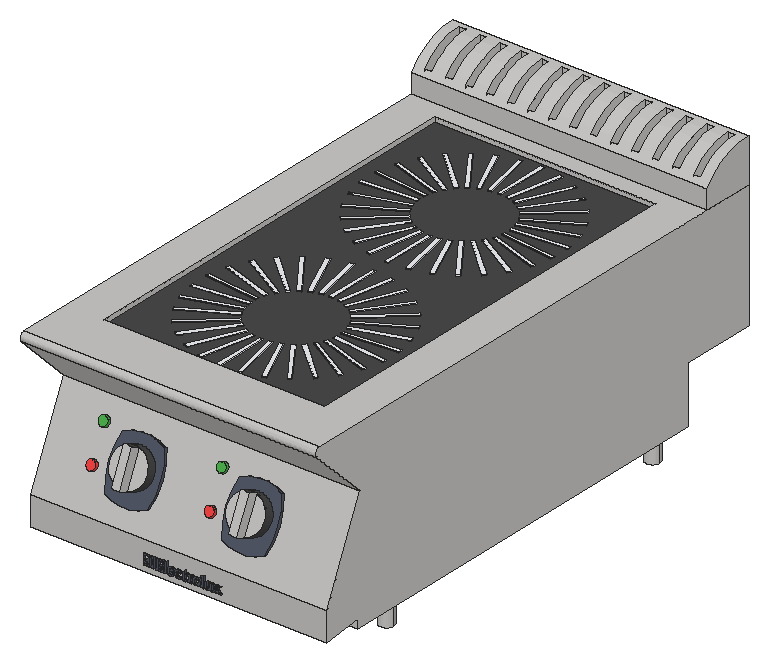
Revit family "QF_ELECTROLUXPROFESSIONAL_371175_E7INED200P", category Specialty Equipment, Revit 2018 (continued)
Lines and regions (mm)
  symbolic lines
    curve 242: line (299.811, -429.204, 266.887) -> (296.465, -425.488, 266.887)
    curve 243: line (275.76, -407.387, 266.887) -> (232.619, -466.765, 266.887)
    curve 244: line (232.619, -466.765, 266.887) -> (236.664, -469.704, 266.887)
    curve 245: line (236.664, -469.704, 266.887) -> (279.805, -410.326, 266.887)
    curve 246: line (279.805, -410.326, 266.887) -> (275.76, -407.387, 266.887)
    curve 247: line (251.743, -393.986, 266.887) -> (221.891, -461.036, 266.887)
    curve 248: line (221.891, -461.036, 266.887) -> (226.458, -463.07, 266.887)
    curve 249: line (226.458, -463.07, 266.887) -> (256.311, -396.019, 266.887)
    curve 250: line (256.311, -396.019, 266.887) -> (251.743, -393.986, 266.887)
    curve 251: line (225.465, -385.871, 266.887) -> (210.206, -457.663, 266.887)
    curve 252: line (210.206, -457.663, 266.887) -> (215.096, -458.702, 266.887)
    curve 253: line (215.096, -458.702, 266.887) -> (230.356, -386.91, 266.887)
    curve 254: line (230.356, -386.91, 266.887) -> (225.465, -385.871, 266.887)
    curve 255: line (198.074, -383.397, 266.887) -> (198.074, -456.792, 266.887)
    curve 256: line (198.074, -456.792, 266.887) -> (203.074, -456.792, 266.887)
    curve 257: line (203.074, -456.792, 266.887) -> (203.074, -383.397, 266.887)
    curve 258: line (203.074, -383.397, 266.887) -> (198.074, -383.397, 266.887)
    curve 259: line (170.768, -386.671, 266.887) -> (186.028, -458.463, 266.887)
    curve 260: line (186.028, -458.463, 266.887) -> (190.918, -457.424, 266.887)
    curve 261: line (190.918, -457.424, 266.887) -> (175.658, -385.632, 266.887)
    curve 262: line (175.658, -385.632, 266.887) -> (170.768, -386.671, 266.887)
    curve 263: line (144.738, -395.552, 266.887) -> (174.591, -462.602, 266.887)
    curve 264: line (174.591, -462.602, 266.887) -> (179.159, -460.569, 266.887)
    curve 265: line (179.159, -460.569, 266.887) -> (149.306, -393.518, 266.887)
    curve 266: line (149.306, -393.518, 266.887) -> (144.738, -395.552, 266.887)
    curve 267: line (121.124, -409.65, 266.887) -> (164.265, -469.029, 266.887)
    curve 268: line (164.265, -469.029, 266.887) -> (168.311, -466.09, 266.887)
    curve 269: line (168.311, -466.09, 266.887) -> (125.17, -406.711, 266.887)
    curve 270: line (125.17, -406.711, 266.887) -> (121.124, -409.65, 266.887)
    curve 271: line (100.958, -428.35, 266.887) -> (155.501, -477.462, 266.887)
    curve 272: line (155.501, -477.462, 266.887) -> (158.847, -473.746, 266.887)
    curve 273: line (158.847, -473.746, 266.887) -> (104.303, -424.635, 266.887)
    curve 274: line (104.303, -424.635, 266.887) -> (100.958, -428.35, 266.887)
    curve 275: line (85.12, -450.834, 266.887) -> (148.682, -487.532, 266.887)
    curve 276: line (148.682, -487.532, 266.887) -> (151.182, -483.202, 266.887)
    curve 277: line (151.182, -483.202, 266.887) -> (87.62, -446.504, 266.887)
    curve 278: line (87.62, -446.504, 266.887) -> (85.12, -450.834, 266.887)
    curve 279: line (74.302, -476.12, 266.887) -> (144.106, -498.801, 266.887)
    curve 280: line (144.106, -498.801, 266.887) -> (145.651, -494.046, 266.887)
    curve 281: line (145.651, -494.046, 266.887) -> (75.847, -471.365, 266.887)
    curve 282: line (75.847, -471.365, 266.887) -> (74.302, -476.12, 266.887)
    curve 283: line (68.979, -503.103, 266.887) -> (141.972, -510.775, 266.887)
    curve 284: line (141.972, -510.775, 266.887) -> (142.495, -505.802, 266.887)
    curve 285: line (142.495, -505.802, 266.887) -> (69.501, -498.13, 266.887)
    curve 286: line (69.501, -498.13, 266.887) -> (68.979, -503.103, 266.887)
    curve 287: line (69.381, -530.602, 266.887) -> (142.375, -522.93, 266.887)
    curve 288: line (142.375, -522.93, 266.887) -> (141.852, -517.958, 266.887)
    curve 289: line (141.852, -517.958, 266.887) -> (68.858, -525.629, 266.887)
    curve 290: line (68.858, -525.629, 266.887) -> (69.381, -530.602, 266.887)
    curve 291: line (75.492, -557.417, 266.887) -> (145.296, -534.736, 266.887)
    curve 292: line (145.296, -534.736, 266.887) -> (143.751, -529.981, 266.887)
    curve 293: line (143.751, -529.981, 266.887) -> (73.947, -552.662, 266.887)
    curve 294: line (73.947, -552.662, 266.887) -> (75.492, -557.417, 266.887)
    curve 295: line (87.045, -582.375, 266.887) -> (150.608, -545.677, 266.887)
    curve 296: line (150.608, -545.677, 266.887) -> (148.108, -541.347, 266.887)
    curve 297: line (148.108, -541.347, 266.887) -> (84.545, -578.045, 266.887)
    curve 298: line (84.545, -578.045, 266.887) -> (87.045, -582.375, 266.887)
    curve 299: line (103.535, -604.386, 266.887) -> (158.078, -555.275, 266.887)
    curve 300: line (158.078, -555.275, 266.887) -> (154.733, -551.559, 266.887)
    curve 301: line (154.733, -551.559, 266.887) -> (100.189, -600.671, 266.887)
    curve 302: line (100.189, -600.671, 266.887) -> (103.535, -604.386, 266.887)
    curve 303: line (124.24, -622.488, 266.887) -> (167.381, -563.109, 266.887)
    curve 304: line (167.381, -563.109, 266.887) -> (163.336, -560.17, 266.887)
    curve 305: line (163.336, -560.17, 266.887) -> (120.195, -619.549, 266.887)
    curve 306: line (120.195, -619.549, 266.887) -> (124.24, -622.488, 266.887)
    curve 307: line (148.257, -635.889, 266.887) -> (178.109, -568.839, 266.887)
    curve 308: line (178.109, -568.839, 266.887) -> (173.542, -566.805, 266.887)
    curve 309: line (173.542, -566.805, 266.887) -> (143.689, -633.855, 266.887)
    curve 310: line (143.689, -633.855, 266.887) -> (148.257, -635.889, 266.887)
Dimensions and locks
  equal spacing: plane 3 "LEFT", plane 7 "Center Y", plane 4 "RIGHT"
  "Width": plane 3 "LEFT" to plane 4 "RIGHT"
  equal spacing: plane 5 "FRONT", plane 8 "Center X", plane 1 "BACK"
  "Depth": plane 5 "FRONT" to plane 1 "BACK"
  "Height": plane 6 "TOP" to level
  "Base Height": plane 9 "BASE" to level
  plane 1 "BACK" to plane 5 "FRONT" = 730 mm
  plane 10 "TOP A" to plane 9 "BASE" = 249.237 mm
  aligned and locked: level to plane 2
  aligned and locked: plane 4 "RIGHT" to Extrusion 1
  aligned and locked: plane 4 "RIGHT" to Extrusion 2
  aligned and locked: plane 9 "BASE" to Extrusion 18
  aligned and locked: plane 6 "TOP" to Extrusion 25
Automatic sketch dimensions
  Extrusion 27 sketch curve to Extrusion 27 sketch curve = 5 mm
  Extrusion 27 sketch curve to Extrusion 27 sketch curve = 73.396 mm
  Extrusion 28 sketch curve to Extrusion 28 sketch curve = 5 mm
  Extrusion 28 sketch curve to Extrusion 28 sketch curve = 73.396 mm
  Extrusion 29 sketch curve to Extrusion 29 sketch curve = 5 mm
  Extrusion 29 sketch curve to Extrusion 29 sketch curve = 73.396 mm
  Extrusion 30 sketch curve to Extrusion 30 sketch curve = 5 mm
  Extrusion 30 sketch curve to Extrusion 30 sketch curve = 73.396 mm
  Extrusion 31 sketch curve to Extrusion 31 sketch curve = 5 mm
  Extrusion 31 sketch curve to Extrusion 31 sketch curve = 73.396 mm
  Extrusion 32 sketch curve to Extrusion 32 sketch curve = 5 mm
  Extrusion 32 sketch curve to Extrusion 32 sketch curve = 73.396 mm
  Extrusion 33 sketch curve to Extrusion 33 sketch curve = 5 mm
  Extrusion 33 sketch curve to Extrusion 33 sketch curve = 73.396 mm
  Extrusion 34 sketch curve to Extrusion 34 sketch curve = 5 mm
  Extrusion 34 sketch curve to Extrusion 34 sketch curve = 73.396 mm
  Extrusion 35 sketch curve to Extrusion 35 sketch curve = 5 mm
  Extrusion 35 sketch curve to Extrusion 35 sketch curve = 73.396 mm
  Extrusion 36 sketch curve to Extrusion 36 sketch curve = 5 mm
  Extrusion 36 sketch curve to Extrusion 36 sketch curve = 73.396 mm
  Extrusion 37 sketch curve to Extrusion 37 sketch curve = 5 mm
  Extrusion 37 sketch curve to Extrusion 37 sketch curve = 73.396 mm
  Extrusion 38 sketch curve to Extrusion 38 sketch curve = 5 mm
  Extrusion 38 sketch curve to Extrusion 38 sketch curve = 73.396 mm
  Extrusion 39 sketch curve to Extrusion 39 sketch curve = 5 mm
  Extrusion 39 sketch curve to Extrusion 39 sketch curve = 73.396 mm
  Extrusion 40 sketch curve to Extrusion 40 sketch curve = 5 mm
  Extrusion 40 sketch curve to Extrusion 40 sketch curve = 73.396 mm
  Extrusion 41 sketch curve to Extrusion 41 sketch curve = 5 mm
  Extrusion 41 sketch curve to Extrusion 41 sketch curve = 73.396 mm
  Extrusion 42 sketch curve to Extrusion 42 sketch curve = 5 mm
  Extrusion 42 sketch curve to Extrusion 42 sketch curve = 73.396 mm
  Extrusion 43 sketch curve to Extrusion 43 sketch curve = 5 mm
  Extrusion 43 sketch curve to Extrusion 43 sketch curve = 73.396 mm
  Extrusion 44 sketch curve to Extrusion 44 sketch curve = 5 mm
  Extrusion 44 sketch curve to Extrusion 44 sketch curve = 73.396 mm
  Extrusion 45 sketch curve to Extrusion 45 sketch curve = 5 mm
  Extrusion 45 sketch curve to Extrusion 45 sketch curve = 73.396 mm
  Extrusion 46 sketch curve to Extrusion 46 sketch curve = 5 mm
  Extrusion 46 sketch curve to Extrusion 46 sketch curve = 73.396 mm
  Extrusion 47 sketch curve to Extrusion 47 sketch curve = 5 mm
  Extrusion 47 sketch curve to Extrusion 47 sketch curve = 73.396 mm
  Extrusion 48 sketch curve to Extrusion 48 sketch curve = 5 mm
  Extrusion 48 sketch curve to Extrusion 48 sketch curve = 73.396 mm
  Extrusion 49 sketch curve to Extrusion 49 sketch curve = 5 mm
  Extrusion 49 sketch curve to Extrusion 49 sketch curve = 73.396 mm
  Extrusion 50 sketch curve to Extrusion 50 sketch curve = 5 mm
  Extrusion 50 sketch curve to Extrusion 50 sketch curve = 73.396 mm
  Extrusion 51 sketch curve to Extrusion 51 sketch curve = 5 mm
  Extrusion 51 sketch curve to Extrusion 51 sketch curve = 73.396 mm
  Extrusion 52 sketch curve to Extrusion 52 sketch curve = 5 mm
  Extrusion 52 sketch curve to Extrusion 52 sketch curve = 73.396 mm
  Extrusion 53 sketch curve to Extrusion 53 sketch curve = 5 mm
  Extrusion 53 sketch curve to Extrusion 53 sketch curve = 73.396 mm
  Extrusion 54 sketch curve to Extrusion 54 sketch curve = 5 mm
  Extrusion 54 sketch curve to Extrusion 54 sketch curve = 73.396 mm
  Extrusion 55 sketch curve to Extrusion 55 sketch curve = 5 mm
  Extrusion 55 sketch curve to Extrusion 55 sketch curve = 73.396 mm
  Extrusion 56 sketch curve to Extrusion 56 sketch curve = 5 mm
  Extrusion 56 sketch curve to Extrusion 56 sketch curve = 73.396 mm
  Extrusion 57 sketch curve to Extrusion 57 sketch curve = 5 mm
  Extrusion 57 sketch curve to Extrusion 57 sketch curve = 73.396 mm
  Extrusion 58 sketch curve to Extrusion 58 sketch curve = 5 mm
  Extrusion 58 sketch curve to Extrusion 58 sketch curve = 73.396 mm
  Extrusion 59 sketch curve to Extrusion 59 sketch curve = 5 mm
  Extrusion 59 sketch curve to Extrusion 59 sketch curve = 73.396 mm
  Extrusion 60 sketch curve to Extrusion 60 sketch curve = 5 mm
  Extrusion 60 sketch curve to Extrusion 60 sketch curve = 73.396 mm
  Extrusion 61 sketch curve to Extrusion 61 sketch curve = 5 mm
  Extrusion 61 sketch curve to Extrusion 61 sketch curve = 73.396 mm
  Extrusion 62 sketch curve to Extrusion 62 sketch curve = 5 mm
  Extrusion 62 sketch curve to Extrusion 62 sketch curve = 73.396 mm
  Extrusion 63 sketch curve to Extrusion 63 sketch curve = 5 mm
  Extrusion 63 sketch curve to Extrusion 63 sketch curve = 73.396 mm
  Extrusion 64 sketch curve to Extrusion 64 sketch curve = 5 mm
  Extrusion 64 sketch curve to Extrusion 64 sketch curve = 73.396 mm
  Extrusion 65 sketch curve to Extrusion 65 sketch curve = 5 mm
  Extrusion 65 sketch curve to Extrusion 65 sketch curve = 73.396 mm
  Extrusion 66 sketch curve to Extrusion 66 sketch curve = 5 mm
  Extrusion 66 sketch curve to Extrusion 66 sketch curve = 73.396 mm
  Extrusion 67 sketch curve to Extrusion 67 sketch curve = 5 mm
  Extrusion 67 sketch curve to Extrusion 67 sketch curve = 73.396 mm
  Extrusion 68 sketch curve to Extrusion 68 sketch curve = 5 mm
  Extrusion 68 sketch curve to Extrusion 68 sketch curve = 73.396 mm
  Extrusion 69 sketch curve to Extrusion 69 sketch curve = 5 mm
  Extrusion 69 sketch curve to Extrusion 69 sketch curve = 73.396 mm
  Extrusion 70 sketch curve to Extrusion 70 sketch curve = 5 mm
  Extrusion 70 sketch curve to Extrusion 70 sketch curve = 73.396 mm
  Extrusion 71 sketch curve to Extrusion 71 sketch curve = 5 mm
  Extrusion 71 sketch curve to Extrusion 71 sketch curve = 73.396 mm
  Extrusion 72 sketch curve to Extrusion 72 sketch curve = 5 mm
  Extrusion 72 sketch curve to Extrusion 72 sketch curve = 73.396 mm
  Extrusion 73 sketch curve to Extrusion 73 sketch curve = 5 mm
  Extrusion 73 sketch curve to Extrusion 73 sketch curve = 73.396 mm
  Extrusion 74 sketch curve to Extrusion 74 sketch curve = 5 mm
  Extrusion 74 sketch curve to Extrusion 74 sketch curve = 73.396 mm
  Extrusion 75 sketch curve to Extrusion 75 sketch curve = 5 mm
  Extrusion 75 sketch curve to Extrusion 75 sketch curve = 73.396 mm
  Extrusion 76 sketch curve to Extrusion 76 sketch curve = 5 mm
  Extrusion 76 sketch curve to Extrusion 76 sketch curve = 73.396 mm
  Extrusion 77 sketch curve to Extrusion 77 sketch curve = 5 mm
  Extrusion 77 sketch curve to Extrusion 77 sketch curve = 73.396 mm
  Extrusion 78 sketch curve to Extrusion 78 sketch curve = 5 mm
  Extrusion 78 sketch curve to Extrusion 78 sketch curve = 73.396 mm
  Extrusion 79 sketch curve to Extrusion 79 sketch curve = 5 mm
  Extrusion 79 sketch curve to Extrusion 79 sketch curve = 73.396 mm
  Extrusion 80 sketch curve to Extrusion 80 sketch curve = 5 mm
  Extrusion 80 sketch curve to Extrusion 80 sketch curve = 73.396 mm
  Extrusion 81 sketch curve to Extrusion 81 sketch curve = 5 mm
  Extrusion 81 sketch curve to Extrusion 81 sketch curve = 73.396 mm
  Extrusion 82 sketch curve to Extrusion 82 sketch curve = 5 mm
  Extrusion 82 sketch curve to Extrusion 82 sketch curve = 73.396 mm
  Extrusion 83 sketch curve to Extrusion 83 sketch curve = 5 mm
  Extrusion 83 sketch curve to Extrusion 83 sketch curve = 73.396 mm
  Extrusion 84 sketch curve to Extrusion 84 sketch curve = 5 mm
  Extrusion 84 sketch curve to Extrusion 84 sketch curve = 73.396 mm
  Extrusion 85 sketch curve to Extrusion 85 sketch curve = 5 mm
  Extrusion 85 sketch curve to Extrusion 85 sketch curve = 73.396 mm
  Extrusion 86 sketch curve to Extrusion 86 sketch curve = 5 mm
  Extrusion 86 sketch curve to Extrusion 86 sketch curve = 73.396 mm
  Extrusion 1 sketch curve to plane 10 "TOP A" = 0 mm
  Extrusion 1 sketch curve to plane 9 "BASE" = 0 mm
  Extrusion 1 sketch curve to plane 1 "BACK" = 0 mm
  Extrusion 1 sketch curve to plane 12 = 46.038 mm
  plane 11 to Extrusion 1 sketch curve = 59.531 mm
  plane 9 "BASE" to Extrusion 1 sketch curve = 12.7 mm
  plane 11 to Extrusion 1 sketch curve = 62.516 mm
  Extrusion 1 sketch curve to plane 5 "FRONT" = 16.478 mm
  Extrusion 1 sketch curve to plane 5 "FRONT" = 4.973 mm
  Extrusion 1 sketch curve to plane 5 "FRONT" = 0.483 mm
  plane 9 "BASE" to Extrusion 1 sketch curve = 7.09 mm
  Extrusion 1 sketch curve to Extrusion 1 sketch curve = 38.1 mm
  plane 9 "BASE" to Extrusion 1 sketch curve = 77.788 mm
  Extrusion 1 sketch curve to plane 10 "TOP A" = 83.191 mm
  Extrusion 1 sketch curve to plane 10 "TOP A" = 10.84 mm
  Extrusion 2 sketch curve to plane 10 "TOP A" = 0 mm
  Extrusion 2 sketch curve to plane 1 "BACK" = 0 mm
  Extrusion 2 sketch curve to plane 6 "TOP" = 0 mm
  plane 1 "BACK" to Extrusion 2 sketch curve = 1.769 mm
  plane 10 "TOP A" to Extrusion 2 sketch curve = 25.4 mm
  plane 1 "BACK" to Extrusion 2 sketch curve = 69.85 mm
  Extrusion 3 sketch curve to plane 4 "RIGHT" = 50 mm
  plane 3 "LEFT" to Extrusion 3 sketch curve = 50 mm
  Extrusion 3 sketch curve to plane 12 = 54.376 mm
  plane 11 to Extrusion 3 sketch curve = 55.377 mm
  plane 1 "BACK" to Extrusion 4 sketch curve = 6.761 mm
  plane 3 "LEFT" to Extrusion 4 sketch curve = 22.749 mm
  Extrusion 4 sketch curve to Extrusion 4 sketch curve = 9.296 mm
  Extrusion 4 sketch curve to Extrusion 4 sketch curve = 57.15 mm
  Extrusion 5 sketch curve to plane 1 "BACK" = 6.761 mm
  plane 4 "RIGHT" to Extrusion 5 sketch curve = 22.749 mm
  Extrusion 5 sketch curve to Extrusion 5 sketch curve = 9.296 mm
  Extrusion 5 sketch curve to Extrusion 5 sketch curve = 57.15 mm
  plane 1 "BACK" to Extrusion 6 sketch curve = 6.761 mm
  plane 3 "LEFT" to Extrusion 6 sketch curve = 50.737 mm
  Extrusion 6 sketch curve to Extrusion 6 sketch curve = 9.296 mm
  Extrusion 6 sketch curve to Extrusion 6 sketch curve = 57.15 mm
  plane 1 "BACK" to Extrusion 7 sketch curve = 6.761 mm
  plane 3 "LEFT" to Extrusion 7 sketch curve = 78.725 mm
  Extrusion 7 sketch curve to Extrusion 7 sketch curve = 9.296 mm
  Extrusion 7 sketch curve to Extrusion 7 sketch curve = 57.15 mm
  plane 1 "BACK" to Extrusion 8 sketch curve = 6.761 mm
  Extrusion 8 sketch curve to plane 7 "Center Y" = 93.311 mm
  Extrusion 8 sketch curve to Extrusion 8 sketch curve = 9.296 mm
  Extrusion 8 sketch curve to Extrusion 8 sketch curve = 57.15 mm
  plane 1 "BACK" to Extrusion 9 sketch curve = 6.761 mm
  Extrusion 9 sketch curve to plane 7 "Center Y" = 65.323 mm
  Extrusion 9 sketch curve to Extrusion 9 sketch curve = 9.296 mm
  Extrusion 9 sketch curve to Extrusion 9 sketch curve = 57.15 mm
  plane 1 "BACK" to Extrusion 10 sketch curve = 6.761 mm
  Extrusion 10 sketch curve to plane 7 "Center Y" = 37.335 mm
  Extrusion 10 sketch curve to Extrusion 10 sketch curve = 9.296 mm
  Extrusion 10 sketch curve to Extrusion 10 sketch curve = 57.15 mm
  Extrusion 11 sketch curve to plane 7 "Center Y" = 9.346 mm
  Extrusion 11 sketch curve to Extrusion 11 sketch curve = 9.296 mm
  plane 1 "BACK" to Extrusion 11 sketch curve = 6.761 mm
  Extrusion 11 sketch curve to Extrusion 11 sketch curve = 57.15 mm
  plane 1 "BACK" to Extrusion 12 sketch curve = 6.761 mm
  plane 7 "Center Y" to Extrusion 12 sketch curve = 18.642 mm
  Extrusion 12 sketch curve to Extrusion 12 sketch curve = 9.296 mm
  Extrusion 12 sketch curve to Extrusion 12 sketch curve = 57.15 mm
  plane 1 "BACK" to Extrusion 13 sketch curve = 6.761 mm
  plane 7 "Center Y" to Extrusion 13 sketch curve = 46.63 mm
  Extrusion 13 sketch curve to Extrusion 13 sketch curve = 9.296 mm
  Extrusion 13 sketch curve to Extrusion 13 sketch curve = 57.15 mm
  plane 1 "BACK" to Extrusion 14 sketch curve = 6.761 mm
  plane 7 "Center Y" to Extrusion 14 sketch curve = 74.619 mm
  Extrusion 14 sketch curve to Extrusion 14 sketch curve = 9.296 mm
  Extrusion 14 sketch curve to Extrusion 14 sketch curve = 57.15 mm
  plane 1 "BACK" to Extrusion 15 sketch curve = 6.761 mm
  Extrusion 15 sketch curve to plane 4 "RIGHT" = 97.418 mm
  Extrusion 15 sketch curve to Extrusion 15 sketch curve = 9.296 mm
  Extrusion 15 sketch curve to Extrusion 15 sketch curve = 57.15 mm
  plane 1 "BACK" to Extrusion 16 sketch curve = 6.761 mm
  Extrusion 16 sketch curve to plane 4 "RIGHT" = 69.43 mm
  Extrusion 16 sketch curve to Extrusion 16 sketch curve = 9.296 mm
  Extrusion 16 sketch curve to Extrusion 16 sketch curve = 57.15 mm
  plane 1 "BACK" to Extrusion 17 sketch curve = 6.761 mm
  Extrusion 17 sketch curve to plane 4 "RIGHT" = 41.441 mm
  Extrusion 17 sketch curve to Extrusion 17 sketch curve = 9.296 mm
  Extrusion 17 sketch curve to Extrusion 17 sketch curve = 57.15 mm
  plane 11 to Extrusion 18 sketch curve = 0 mm  (x2)
  plane 12 to Extrusion 18 sketch curve = 0 mm  (x2)
  plane 3 "LEFT" to Extrusion 18 sketch curve = 11.112 mm  (x2)
  Extrusion 18 sketch curve to plane 4 "RIGHT" = 11.113 mm  (x2)
  Extrusion 19 sketch curve to Extrusion 1 = 31.333 mm  (x2)
  Extrusion 19 sketch curve to Extrusion 19 sketch curve = 12.3 mm  (x3)
  Extrusion 19 sketch curve to Extrusion 19 sketch curve = 34.925 mm  (x2)
  Extrusion 1 to Extrusion 19 sketch curve = 44.467 mm
  Extrusion 1 to Extrusion 19 sketch curve = 175.117 mm
  Extrusion 19 sketch curve to Extrusion 19 sketch curve = 25.727 mm
  Extrusion 19 sketch curve to Extrusion 19 sketch curve = 25.771 mm
  Extrusion 19 sketch curve to Extrusion 19 sketch curve = 28.531 mm
  Extrusion 21 sketch curve to Extrusion 21 sketch curve = 24.732 mm
  Extrusion 21 sketch curve to Extrusion 21 sketch curve = 0 mm
  Extrusion 1 to Extrusion 22 sketch curve = 29.678 mm
  Extrusion 1 to Extrusion 22 sketch curve = 65.648 mm
  Extrusion 23 sketch curve to Extrusion 1 = 54.522 mm
  Extrusion 1 to Extrusion 23 sketch curve = 65.648 mm
  Extrusion 1 to Extrusion 24 sketch curve = 33.906 mm
  Extrusion 1 to Extrusion 24 sketch curve = 63.5 mm
  plane 1 "BACK" to Extrusion 25 sketch curve = 0 mm
  Extrusion 25 sketch curve to plane 3 "LEFT" = 0 mm
  Extrusion 25 sketch curve to plane 4 "RIGHT" = 0 mm
  Extrusion 25 sketch curve to plane 3 "LEFT" = 150.019 mm
  plane 5 "FRONT" to Extrusion 25 sketch curve = 1.377 mm  (x2)
  plane 4 "RIGHT" to Extrusion 25 sketch curve = 150.019 mm
  Extrusion 25 sketch curve to plane 1 "BACK" = 150.019 mm
  curve 65 to plane 4 "RIGHT" = 0 mm
  curve 5 to plane 3 "LEFT" = 0 mm
  curve 63 to plane 3 "LEFT" = 0 mm
  plane 1 "BACK" to curve 5 = 0 mm
  plane 5 "FRONT" to curve 6 = 0 mm
  plane 4 "RIGHT" to curve 3 = 150.019 mm
  curve 12 to plane 4 "RIGHT" = 13.453 mm
  curve 11 to curve 14 = 9.296 mm
  curve 12 to curve 59 = 18.693 mm
  curve 59 to curve 62 = 9.296 mm
  curve 60 to curve 55 = 18.693 mm
  curve 55 to curve 56 = 9.296 mm
  plane 1 "BACK" to curve 51 = 6.761 mm
  curve 57 to curve 51 = 18.693 mm
  curve 51 to curve 52 = 9.296 mm
  curve 52 to curve 47 = 18.693 mm
  curve 47 to curve 48 = 9.296 mm
  plane 1 "BACK" to curve 43 = 6.761 mm
  curve 49 to curve 43 = 18.693 mm
  curve 43 to curve 44 = 9.296 mm
  plane 7 "Center Y" to curve 39 = 18.642 mm
  curve 39 to curve 40 = 9.296 mm
  curve 36 to plane 7 "Center Y" = 9.346 mm
  curve 35 to curve 38 = 9.296 mm
  curve 36 to curve 32 = 18.693 mm
  curve 31 to curve 32 = 9.296 mm
  plane 1 "BACK" to curve 30 = 6.761 mm
  curve 33 to curve 30 = 18.693 mm
  curve 27 to curve 28 = 9.296 mm
  plane 1 "BACK" to curve 23 = 6.761 mm
  curve 29 to curve 23 = 18.693 mm
  curve 23 to curve 24 = 9.296 mm
  curve 24 to curve 20 = 18.693 mm
  curve 19 to curve 20 = 9.296 mm
  curve 20 to curve 15 = 18.693 mm
  curve 15 to curve 16 = 9.296 mm
  curve 16 to curve 63 = 9.691 mm
  plane 1 "BACK" to curve 10 = 6.761 mm
  curve 17 to curve 10 = 18.693 mm
  curve 7 to curve 9 = 9.296 mm
  plane 5 "FRONT" to curve 1 = 1.377 mm
  curve 1 to plane 3 "LEFT" = 150.019 mm
  curve 2 to plane 1 "BACK" = 150.019 mm
  plane 1 "BACK" to curve 61 = 6.761 mm
  plane 1 "BACK" to curve 58 = 6.761 mm
  plane 1 "BACK" to curve 11 = 6.761 mm
  plane 1 "BACK" to curve 15 = 6.761 mm
  plane 1 "BACK" to curve 50 = 6.761 mm
  plane 1 "BACK" to curve 19 = 6.761 mm
  plane 1 "BACK" to curve 42 = 6.761 mm
  plane 1 "BACK" to curve 38 = 6.761 mm
  plane 1 "BACK" to curve 31 = 6.761 mm
  curve 33 to curve 33 = 57.15 mm
  curve 29 to curve 32 = 0 mm
  curve 31 to curve 35 = 0 mm
  curve 25 to curve 28 = 0 mm
  curve 35 to curve 39 = 0 mm
  curve 21 to curve 24 = 0 mm
  curve 39 to curve 43 = 0 mm
  curve 17 to curve 20 = 0 mm
  curve 43 to curve 47 = 0 mm
  curve 13 to curve 13 = 57.15 mm
  curve 47 to curve 51 = 0 mm
  curve 9 to curve 16 = 0 mm
  curve 51 to curve 55 = 0 mm
  curve 55 to curve 61 = 0 mm
  curve 8 to curve 64 = 5.939 mm
  curve 11 to curve 65 = 5.939 mm
  curve 64 to plane 12 = 26.988 mm
  plane 5 "FRONT" to curve 3 = 1.377 mm
  Extrusion 26 sketch curve to plane 7 "Center Y" = 0 mm
  plane 9 "BASE" to Extrusion 26 sketch curve = 10.651 mm
  plane 9 "BASE" to Extrusion 26 sketch curve = 15.692 mm
  plane 9 "BASE" to Extrusion 26 sketch curve = 15.711 mm
  Extrusion 26 sketch curve to Extrusion 26 sketch curve = 0 mm  (x28)
  Extrusion 26 sketch curve to Extrusion 26 sketch curve = 5.108 mm  (x2)
  Extrusion 26 sketch curve to Extrusion 26 sketch curve = 0.054 mm
  Extrusion 26 sketch curve to Extrusion 26 sketch curve = 0.218 mm
  Extrusion 26 sketch curve to Extrusion 26 sketch curve = 0.195 mm
  Extrusion 26 sketch curve to Extrusion 26 sketch curve = 0.249 mm
  plane 9 "BASE" to Extrusion 26 sketch curve = 16.008 mm
  Extrusion 26 sketch curve to Extrusion 26 sketch curve = 0.087 mm
  Extrusion 26 sketch curve to Extrusion 26 sketch curve = 0.358 mm
  Extrusion 26 sketch curve to Extrusion 26 sketch curve = 0.481 mm
  Extrusion 26 sketch curve to Extrusion 26 sketch curve = 0.597 mm
  Extrusion 26 sketch curve to Extrusion 26 sketch curve = 0.544 mm
  Extrusion 26 sketch curve to Extrusion 26 sketch curve = 0.936 mm
  Extrusion 26 sketch curve to Extrusion 26 sketch curve = 0.594 mm
  Extrusion 26 sketch curve to Extrusion 26 sketch curve = 0.343 mm
  Extrusion 26 sketch curve to Extrusion 26 sketch curve = 0.159 mm
  Extrusion 26 sketch curve to Extrusion 26 sketch curve = 0.826 mm
  Extrusion 26 sketch curve to Extrusion 26 sketch curve = 0.839 mm
  Extrusion 26 sketch curve to Extrusion 26 sketch curve = 0.852 mm
  Extrusion 26 sketch curve to Extrusion 26 sketch curve = 0.887 mm
  Extrusion 26 sketch curve to Extrusion 26 sketch curve = 0.928 mm
  Extrusion 26 sketch curve to Extrusion 26 sketch curve = 0.938 mm
  Extrusion 26 sketch curve to Extrusion 26 sketch curve = 0.444 mm
  Extrusion 26 sketch curve to Extrusion 26 sketch curve = 1.11 mm  (x3)
  Extrusion 26 sketch curve to Extrusion 26 sketch curve = 0.215 mm
  Extrusion 26 sketch curve to Extrusion 26 sketch curve = 1.43 mm
  Extrusion 26 sketch curve to Extrusion 26 sketch curve = 1.188 mm
  Extrusion 26 sketch curve to Extrusion 26 sketch curve = 1.21 mm  (x2)
  Extrusion 26 sketch curve to Extrusion 26 sketch curve = 0.503 mm
  Extrusion 26 sketch curve to Extrusion 26 sketch curve = 0.488 mm
  Extrusion 26 sketch curve to Extrusion 26 sketch curve = 0.462 mm
  Extrusion 26 sketch curve to Extrusion 26 sketch curve = 1.386 mm
  Extrusion 26 sketch curve to Extrusion 26 sketch curve = 1.742 mm  (x2)
  Extrusion 26 sketch curve to Extrusion 26 sketch curve = 0.821 mm
  Extrusion 26 sketch curve to Extrusion 26 sketch curve = 0.497 mm
  Extrusion 26 sketch curve to Extrusion 26 sketch curve = 0.539 mm
  Extrusion 26 sketch curve to Extrusion 26 sketch curve = 0.686 mm
  Extrusion 26 sketch curve to Extrusion 26 sketch curve = 0.408 mm
  Extrusion 26 sketch curve to Extrusion 26 sketch curve = 0.528 mm
  Extrusion 26 sketch curve to Extrusion 26 sketch curve = 1.16 mm
  Extrusion 26 sketch curve to Extrusion 26 sketch curve = 0.329 mm
  Extrusion 26 sketch curve to Extrusion 26 sketch curve = 1.054 mm
  Extrusion 26 sketch curve to Extrusion 26 sketch curve = 1.056 mm
  Extrusion 26 sketch curve to Extrusion 26 sketch curve = 0.129 mm
  Extrusion 26 sketch curve to Extrusion 26 sketch curve = 0.489 mm
  Extrusion 26 sketch curve to Extrusion 26 sketch curve = 0.441 mm
  Extrusion 26 sketch curve to Extrusion 26 sketch curve = 1.151 mm
  Extrusion 26 sketch curve to Extrusion 26 sketch curve = 1.141 mm  (x2)
  Extrusion 26 sketch curve to Extrusion 26 sketch curve = 0.768 mm
  Extrusion 26 sketch curve to Extrusion 26 sketch curve = 1.653 mm
  Extrusion 26 sketch curve to Extrusion 26 sketch curve = 0.499 mm
  Extrusion 26 sketch curve to Extrusion 26 sketch curve = 0.964 mm
  Extrusion 26 sketch curve to Extrusion 26 sketch curve = 0.949 mm
  Extrusion 26 sketch curve to Extrusion 26 sketch curve = 1.345 mm  (x2)
  Extrusion 26 sketch curve to Extrusion 26 sketch curve = 1.101 mm
  Extrusion 26 sketch curve to Extrusion 26 sketch curve = 0.432 mm
  Extrusion 26 sketch curve to Extrusion 26 sketch curve = 1.142 mm
  Extrusion 26 sketch curve to Extrusion 26 sketch curve = 0.959 mm
  Extrusion 26 sketch curve to Extrusion 26 sketch curve = 0.176 mm
  Extrusion 26 sketch curve to Extrusion 26 sketch curve = 0.728 mm
  Extrusion 26 sketch curve to Extrusion 26 sketch curve = 3.375 mm  (x2)
  Extrusion 26 sketch curve to Extrusion 26 sketch curve = 0.541 mm
  Extrusion 26 sketch curve to Extrusion 26 sketch curve = 0.955 mm
  Extrusion 26 sketch curve to Extrusion 26 sketch curve = 1.251 mm
  Extrusion 26 sketch curve to Extrusion 26 sketch curve = 0.572 mm
  Extrusion 26 sketch curve to Extrusion 26 sketch curve = 1.92 mm
  Extrusion 26 sketch curve to Extrusion 26 sketch curve = 1.224 mm
  Extrusion 26 sketch curve to Extrusion 26 sketch curve = 0.745 mm
  plane 7 "Center Y" to Extrusion 26 sketch curve = 0.572 mm
  Extrusion 26 sketch curve to Extrusion 26 sketch curve = 2.537 mm
  Extrusion 26 sketch curve to Extrusion 26 sketch curve = 0.896 mm  (x3)
  Extrusion 26 sketch curve to Extrusion 26 sketch curve = 0.036 mm
  Extrusion 26 sketch curve to Extrusion 26 sketch curve = 2.607 mm
  Extrusion 26 sketch curve to Extrusion 26 sketch curve = 0.066 mm
  Extrusion 26 sketch curve to Extrusion 26 sketch curve = 0.248 mm
  Extrusion 26 sketch curve to Extrusion 26 sketch curve = 0.449 mm
  Extrusion 26 sketch curve to Extrusion 26 sketch curve = 1.052 mm
  Extrusion 26 sketch curve to Extrusion 26 sketch curve = 1.863 mm
  Extrusion 26 sketch curve to Extrusion 26 sketch curve = 1.31 mm  (x2)
  Extrusion 26 sketch curve to Extrusion 26 sketch curve = 0.901 mm
  Extrusion 26 sketch curve to Extrusion 26 sketch curve = 1.107 mm
  Extrusion 26 sketch curve to Extrusion 26 sketch curve = 2.122 mm
  Extrusion 26 sketch curve to Extrusion 26 sketch curve = 2.101 mm
  Extrusion 26 sketch curve to Extrusion 26 sketch curve = 0.106 mm
  Extrusion 26 sketch curve to Extrusion 26 sketch curve = 0.029 mm
  Extrusion 26 sketch curve to Extrusion 26 sketch curve = 2.09 mm
  Extrusion 26 sketch curve to Extrusion 26 sketch curve = 1.279 mm
  Extrusion 26 sketch curve to Extrusion 26 sketch curve = 2.008 mm
  Extrusion 26 sketch curve to Extrusion 26 sketch curve = 0.738 mm
  Extrusion 26 sketch curve to Extrusion 26 sketch curve = 0.382 mm
  Extrusion 26 sketch curve to Extrusion 26 sketch curve = 0.384 mm
  Extrusion 26 sketch curve to Extrusion 26 sketch curve = 0.002 mm
  Extrusion 26 sketch curve to Extrusion 26 sketch curve = 0.561 mm
  Extrusion 26 sketch curve to Extrusion 26 sketch curve = 0.592 mm
  Extrusion 26 sketch curve to Extrusion 26 sketch curve = 2.692 mm
  Extrusion 26 sketch curve to Extrusion 26 sketch curve = 1.259 mm
  Extrusion 26 sketch curve to Extrusion 26 sketch curve = 0.802 mm
  Extrusion 26 sketch curve to Extrusion 26 sketch curve = 1.024 mm  (x2)
  Extrusion 26 sketch curve to Extrusion 26 sketch curve = 0.682 mm
  Extrusion 26 sketch curve to Extrusion 26 sketch curve = 5.934 mm
  Extrusion 26 sketch curve to Extrusion 26 sketch curve = 2.186 mm
  Extrusion 26 sketch curve to Extrusion 26 sketch curve = 0.337 mm
  Extrusion 26 sketch curve to Extrusion 26 sketch curve = 0.021 mm
  Extrusion 26 sketch curve to Extrusion 26 sketch curve = 1.005 mm
  Extrusion 26 sketch curve to Extrusion 26 sketch curve = 0.552 mm
  Extrusion 26 sketch curve to Extrusion 26 sketch curve = 0.778 mm
  Extrusion 26 sketch curve to Extrusion 26 sketch curve = 0.063 mm
  Extrusion 26 sketch curve to Extrusion 26 sketch curve = 1.023 mm
  Extrusion 26 sketch curve to Extrusion 26 sketch curve = 3.804 mm
  Extrusion 26 sketch curve to Extrusion 26 sketch curve = 0.486 mm
  Extrusion 26 sketch curve to Extrusion 26 sketch curve = 0.266 mm  (x2)
  Extrusion 26 sketch curve to Extrusion 26 sketch curve = 1.547 mm
  Extrusion 26 sketch curve to Extrusion 26 sketch curve = 0.717 mm  (x2)
  Extrusion 26 sketch curve to Extrusion 26 sketch curve = 1.667 mm
  Extrusion 26 sketch curve to Extrusion 26 sketch curve = 3.174 mm
  Extrusion 26 sketch curve to Extrusion 26 sketch curve = 0.388 mm
  Extrusion 26 sketch curve to Extrusion 26 sketch curve = 1.342 mm
  Extrusion 26 sketch curve to Extrusion 26 sketch curve = 1.521 mm
  Extrusion 26 sketch curve to Extrusion 26 sketch curve = 0.124 mm
  Extrusion 26 sketch curve to Extrusion 26 sketch curve = 0.291 mm
  plane 7 "Center Y" to Extrusion 26 sketch curve = 11.984 mm
  Extrusion 26 sketch curve to Extrusion 26 sketch curve = 1.049 mm  (x2)
  Extrusion 26 sketch curve to Extrusion 26 sketch curve = 1.7 mm
  Extrusion 26 sketch curve to Extrusion 26 sketch curve = 0.894 mm
  Extrusion 26 sketch curve to Extrusion 26 sketch curve = 0.989 mm
  Extrusion 26 sketch curve to Extrusion 26 sketch curve = 1.168 mm
  Extrusion 26 sketch curve to Extrusion 26 sketch curve = 1.594 mm
  Extrusion 26 sketch curve to Extrusion 26 sketch curve = 0.731 mm
  Extrusion 26 sketch curve to Extrusion 26 sketch curve = 1.566 mm
  Extrusion 26 sketch curve to Extrusion 26 sketch curve = 0.064 mm
  Extrusion 26 sketch curve to Extrusion 26 sketch curve = 0.556 mm  (x3)
  Extrusion 26 sketch curve to Extrusion 26 sketch curve = 0.48 mm
  Extrusion 26 sketch curve to Extrusion 26 sketch curve = 1.018 mm
  Extrusion 26 sketch curve to Extrusion 26 sketch curve = 0.787 mm
  Extrusion 26 sketch curve to Extrusion 26 sketch curve = 0.618 mm
  Extrusion 26 sketch curve to Extrusion 26 sketch curve = 1.672 mm
  Extrusion 26 sketch curve to Extrusion 26 sketch curve = 1.361 mm
  Extrusion 26 sketch curve to Extrusion 26 sketch curve = 0.822 mm
  Extrusion 26 sketch curve to Extrusion 26 sketch curve = 0.069 mm
  Extrusion 26 sketch curve to Extrusion 26 sketch curve = 1.88 mm
  Extrusion 26 sketch curve to Extrusion 26 sketch curve = 0.42 mm
  Extrusion 26 sketch curve to Extrusion 26 sketch curve = 0.062 mm
  Extrusion 26 sketch curve to Extrusion 26 sketch curve = 1.355 mm
  Extrusion 26 sketch curve to Extrusion 26 sketch curve = 2.34 mm
  Extrusion 26 sketch curve to Extrusion 26 sketch curve = 0.493 mm
  Extrusion 26 sketch curve to Extrusion 26 sketch curve = 0.136 mm
  Extrusion 26 sketch curve to Extrusion 26 sketch curve = 0.128 mm
  Extrusion 26 sketch curve to Extrusion 26 sketch curve = 3.616 mm
  Extrusion 26 sketch curve to Extrusion 26 sketch curve = 4.207 mm
  Extrusion 26 sketch curve to Extrusion 26 sketch curve = 0.183 mm
  Extrusion 26 sketch curve to Extrusion 26 sketch curve = 0.895 mm
  Extrusion 26 sketch curve to Extrusion 26 sketch curve = 1.314 mm
  Extrusion 26 sketch curve to Extrusion 26 sketch curve = 3.231 mm
  Extrusion 26 sketch curve to Extrusion 26 sketch curve = 1.299 mm
  Extrusion 26 sketch curve to Extrusion 26 sketch curve = 1.214 mm
  Extrusion 26 sketch curve to Extrusion 26 sketch curve = 1.264 mm
  Extrusion 26 sketch curve to Extrusion 26 sketch curve = 0.109 mm
  Extrusion 26 sketch curve to Extrusion 26 sketch curve = 0.357 mm
  Extrusion 26 sketch curve to Extrusion 26 sketch curve = 0.565 mm
  Extrusion 26 sketch curve to Extrusion 26 sketch curve = 2.504 mm
  Extrusion 26 sketch curve to Extrusion 26 sketch curve = 2.459 mm
  Extrusion 26 sketch curve to Extrusion 26 sketch curve = 0.32 mm
  Extrusion 26 sketch curve to Extrusion 26 sketch curve = 1.322 mm
  Extrusion 26 sketch curve to Extrusion 26 sketch curve = 1.134 mm
  Extrusion 26 sketch curve to Extrusion 26 sketch curve = 2.51 mm
  Extrusion 26 sketch curve to Extrusion 26 sketch curve = 0.187 mm
  Extrusion 26 sketch curve to Extrusion 26 sketch curve = 2.559 mm
  Extrusion 26 sketch curve to Extrusion 26 sketch curve = 1.556 mm
  Extrusion 26 sketch curve to Extrusion 26 sketch curve = 0.222 mm
  Extrusion 26 sketch curve to Extrusion 26 sketch curve = 1.383 mm
  Extrusion 26 sketch curve to Extrusion 26 sketch curve = 3.114 mm
  Extrusion 26 sketch curve to Extrusion 26 sketch curve = 3.376 mm
  Extrusion 26 sketch curve to Extrusion 26 sketch curve = 0.934 mm
  Extrusion 26 sketch curve to Extrusion 26 sketch curve = 0.191 mm
  Extrusion 26 sketch curve to Extrusion 26 sketch curve = 3.696 mm
  Extrusion 26 sketch curve to Extrusion 26 sketch curve = 2.708 mm
  Extrusion 26 sketch curve to Extrusion 26 sketch curve = 3.333 mm
  Extrusion 26 sketch curve to Extrusion 26 sketch curve = 0.332 mm
  Extrusion 26 sketch curve to Extrusion 26 sketch curve = 1.087 mm
  Extrusion 26 sketch curve to Extrusion 26 sketch curve = 2.23 mm
  Extrusion 26 sketch curve to Extrusion 26 sketch curve = 2.757 mm
  Extrusion 26 sketch curve to Extrusion 26 sketch curve = 0.987 mm
  Extrusion 26 sketch curve to Extrusion 26 sketch curve = 1.529 mm
  Extrusion 26 sketch curve to Extrusion 26 sketch curve = 1.796 mm
  Extrusion 26 sketch curve to Extrusion 26 sketch curve = 2.859 mm
  Extrusion 26 sketch curve to Extrusion 26 sketch curve = 0.853 mm
  Extrusion 26 sketch curve to Extrusion 26 sketch curve = 1.241 mm
  Extrusion 26 sketch curve to Extrusion 26 sketch curve = 2.046 mm  (x2)
  Extrusion 26 sketch curve to Extrusion 26 sketch curve = 2.422 mm
  Extrusion 26 sketch curve to Extrusion 26 sketch curve = 0.27 mm  (x2)
  Extrusion 26 sketch curve to Extrusion 26 sketch curve = 0.69 mm
  Extrusion 26 sketch curve to Extrusion 26 sketch curve = 0.781 mm  (x2)
  Extrusion 26 sketch curve to Extrusion 26 sketch curve = 3.136 mm
  Extrusion 26 sketch curve to Extrusion 26 sketch curve = 1.767 mm
  Extrusion 26 sketch curve to Extrusion 26 sketch curve = 0.138 mm
  Extrusion 26 sketch curve to Extrusion 26 sketch curve = 0.777 mm
  Extrusion 26 sketch curve to Extrusion 26 sketch curve = 1.19 mm
  Extrusion 26 sketch curve to Extrusion 26 sketch curve = 0.782 mm
  Extrusion 26 sketch curve to Extrusion 26 sketch curve = 1.268 mm
  Extrusion 26 sketch curve to Extrusion 26 sketch curve = 0.422 mm  (x2)
  Extrusion 26 sketch curve to Extrusion 26 sketch curve = 1.559 mm
  Extrusion 26 sketch curve to Extrusion 26 sketch curve = 3.927 mm
  Extrusion 26 sketch curve to Extrusion 26 sketch curve = 0.983 mm
  Extrusion 26 sketch curve to Extrusion 26 sketch curve = 0.366 mm
  Extrusion 26 sketch curve to Extrusion 26 sketch curve = 0.094 mm
  Extrusion 26 sketch curve to Extrusion 26 sketch curve = 1.584 mm
  Extrusion 26 sketch curve to Extrusion 26 sketch curve = 1.501 mm
  Extrusion 26 sketch curve to Extrusion 26 sketch curve = 1.808 mm
  Extrusion 26 sketch curve to Extrusion 26 sketch curve = 0.643 mm
  Extrusion 26 sketch curve to Extrusion 26 sketch curve = 0.916 mm
  Extrusion 26 sketch curve to Extrusion 26 sketch curve = 0.352 mm
  Extrusion 26 sketch curve to Extrusion 26 sketch curve = 0.458 mm
  Extrusion 26 sketch curve to Extrusion 26 sketch curve = 0.685 mm
  Extrusion 26 sketch curve to Extrusion 26 sketch curve = 0.905 mm
  Extrusion 26 sketch curve to Extrusion 26 sketch curve = 2.865 mm
  Extrusion 26 sketch curve to Extrusion 26 sketch curve = 0.472 mm
  Extrusion 26 sketch curve to Extrusion 26 sketch curve = 0.101 mm
  Extrusion 26 sketch curve to Extrusion 26 sketch curve = 0.54 mm
  Extrusion 26 sketch curve to Extrusion 26 sketch curve = 0.02 mm
  Extrusion 26 sketch curve to Extrusion 26 sketch curve = 0.468 mm
  Extrusion 26 sketch curve to Extrusion 26 sketch curve = 0.829 mm
  Extrusion 26 sketch curve to Extrusion 26 sketch curve = 0.582 mm
  Extrusion 26 sketch curve to Extrusion 26 sketch curve = 0.166 mm
  Extrusion 26 sketch curve to Extrusion 26 sketch curve = 0.16 mm
  Extrusion 26 sketch curve to Extrusion 26 sketch curve = 2.781 mm
  Extrusion 26 sketch curve to Extrusion 26 sketch curve = 1.118 mm
  Extrusion 26 sketch curve to Extrusion 26 sketch curve = 0.613 mm
  Extrusion 26 sketch curve to Extrusion 26 sketch curve = 0.361 mm
  Extrusion 26 sketch curve to Extrusion 26 sketch curve = 0.897 mm
  Extrusion 26 sketch curve to Extrusion 26 sketch curve = 0.167 mm
  Extrusion 26 sketch curve to Extrusion 26 sketch curve = 0.292 mm
  Extrusion 26 sketch curve to Extrusion 26 sketch curve = 0.305 mm
  Extrusion 26 sketch curve to Extrusion 26 sketch curve = 1.557 mm
  Extrusion 26 sketch curve to Extrusion 26 sketch curve = 2.499 mm
  Extrusion 26 sketch curve to Extrusion 26 sketch curve = 3.062 mm
  Extrusion 26 sketch curve to Extrusion 26 sketch curve = 2.968 mm
  Extrusion 26 sketch curve to Extrusion 26 sketch curve = 5.044 mm
  Extrusion 26 sketch curve to Extrusion 26 sketch curve = 0.629 mm  (x2)
  Extrusion 26 sketch curve to Extrusion 26 sketch curve = 1.131 mm
  Extrusion 26 sketch curve to Extrusion 26 sketch curve = 0.137 mm
  Extrusion 26 sketch curve to Extrusion 26 sketch curve = 0.027 mm
  Extrusion 26 sketch curve to Extrusion 26 sketch curve = 2.235 mm
  Extrusion 87 sketch curve to Extrusion 1 = 31.333 mm  (x2)
  Extrusion 87 sketch curve to Extrusion 87 sketch curve = 12.3 mm  (x3)
  Extrusion 87 sketch curve to Extrusion 87 sketch curve = 34.925 mm  (x2)
  Extrusion 1 to Extrusion 87 sketch curve = 44.467 mm
  Extrusion 1 to Extrusion 87 sketch curve = 66.558 mm
  Extrusion 87 sketch curve to Extrusion 87 sketch curve = 25.683 mm
  Extrusion 87 sketch curve to Extrusion 87 sketch curve = 25.727 mm
  Extrusion 87 sketch curve to Extrusion 87 sketch curve = 28.575 mm
  Extrusion 89 sketch curve to Extrusion 89 sketch curve = 24.732 mm
  Extrusion 89 sketch curve to Extrusion 89 sketch curve = 0 mm
  Extrusion 1 to Extrusion 90 sketch curve = 29.678 mm
  Extrusion 1 to Extrusion 90 sketch curve = 174.352 mm
  Extrusion 91 sketch curve to Extrusion 1 = 54.522 mm
  Extrusion 1 to Extrusion 91 sketch curve = 174.352 mm
  curve 68 to Extrusion 3 = 0 mm  (x3)
  curve 67 to Extrusion 3 = 0 mm
  curve 71 to curve 73 = 5 mm
  curve 72 to curve 73 = 73.396 mm
  curve 75 to curve 77 = 5 mm
  curve 76 to curve 77 = 73.396 mm
  curve 79 to curve 81 = 5 mm
  curve 80 to curve 81 = 73.396 mm
  curve 83 to curve 85 = 5 mm
  curve 84 to curve 85 = 73.396 mm
  curve 87 to curve 89 = 5 mm
  curve 88 to curve 89 = 73.396 mm
  curve 91 to curve 93 = 5 mm
  curve 92 to curve 93 = 73.396 mm
  curve 95 to curve 97 = 5 mm
  curve 96 to curve 97 = 73.396 mm
  curve 99 to curve 101 = 5 mm
  curve 100 to curve 101 = 73.396 mm
  curve 103 to curve 105 = 5 mm
  curve 104 to curve 105 = 73.396 mm
  curve 107 to curve 109 = 5 mm
  curve 108 to curve 109 = 73.396 mm
  curve 111 to curve 113 = 5 mm
  curve 112 to curve 113 = 73.396 mm
  curve 115 to curve 117 = 5 mm
  curve 116 to curve 117 = 73.396 mm
  curve 119 to curve 121 = 5 mm
  curve 120 to curve 121 = 73.396 mm
  curve 123 to curve 125 = 5 mm
  curve 124 to curve 125 = 73.396 mm
  curve 127 to curve 129 = 5 mm
  curve 128 to curve 129 = 73.396 mm
  curve 131 to curve 133 = 5 mm
  curve 132 to curve 133 = 73.396 mm
  curve 135 to curve 137 = 5 mm
  curve 136 to curve 137 = 73.396 mm
  curve 139 to curve 141 = 5 mm
  curve 140 to curve 141 = 73.396 mm
  curve 143 to curve 145 = 5 mm
  curve 144 to curve 145 = 73.396 mm
  curve 147 to curve 149 = 5 mm
  curve 148 to curve 149 = 73.396 mm
  curve 151 to curve 153 = 5 mm
  curve 152 to curve 153 = 73.396 mm
  curve 155 to curve 157 = 5 mm
  curve 156 to curve 157 = 73.396 mm
  curve 159 to curve 161 = 5 mm
  curve 160 to curve 161 = 73.396 mm
  curve 163 to curve 165 = 5 mm
  curve 164 to curve 165 = 73.396 mm
  curve 167 to curve 169 = 5 mm
  curve 168 to curve 169 = 73.396 mm
  curve 171 to curve 173 = 5 mm
  curve 172 to curve 173 = 73.396 mm
  curve 175 to curve 177 = 5 mm
  curve 176 to curve 177 = 73.396 mm
  curve 179 to curve 181 = 5 mm
  curve 180 to curve 181 = 73.396 mm
  curve 183 to curve 185 = 5 mm
  curve 184 to curve 185 = 73.396 mm
  curve 187 to curve 189 = 5 mm
  curve 188 to curve 189 = 73.396 mm
  curve 191 to curve 193 = 5 mm
  curve 192 to curve 193 = 73.396 mm
  curve 195 to curve 197 = 5 mm
  curve 196 to curve 197 = 73.396 mm
  curve 199 to curve 201 = 5 mm
  curve 200 to curve 201 = 73.396 mm
  curve 203 to curve 205 = 5 mm
  curve 204 to curve 205 = 73.396 mm
  curve 207 to curve 209 = 5 mm
  curve 208 to curve 209 = 73.396 mm
  curve 211 to curve 213 = 5 mm
  curve 212 to curve 213 = 73.396 mm
  curve 215 to curve 217 = 5 mm
  curve 216 to curve 217 = 73.396 mm
  curve 219 to curve 221 = 5 mm
  curve 220 to curve 221 = 73.396 mm
  curve 223 to curve 225 = 5 mm
  curve 224 to curve 225 = 73.396 mm
  curve 227 to curve 229 = 5 mm
  curve 228 to curve 229 = 73.396 mm
  curve 231 to curve 233 = 5 mm
  curve 232 to curve 233 = 73.396 mm
  curve 235 to curve 237 = 5 mm
  curve 236 to curve 237 = 73.396 mm
  curve 239 to curve 241 = 5 mm
  curve 240 to curve 241 = 73.396 mm
  curve 243 to curve 245 = 5 mm
  curve 244 to curve 245 = 73.396 mm
  curve 247 to curve 249 = 5 mm
  curve 248 to curve 249 = 73.396 mm
  curve 251 to curve 253 = 5 mm
  curve 252 to curve 253 = 73.396 mm
  curve 255 to curve 257 = 5 mm
  curve 256 to curve 257 = 73.396 mm
  curve 259 to curve 261 = 5 mm
  curve 260 to curve 261 = 73.396 mm
  curve 263 to curve 265 = 5 mm
  curve 264 to curve 265 = 73.396 mm
  curve 267 to curve 269 = 5 mm
  curve 268 to curve 269 = 73.396 mm
  curve 271 to curve 273 = 5 mm
  curve 272 to curve 273 = 73.396 mm
  curve 275 to curve 277 = 5 mm
  curve 276 to curve 277 = 73.396 mm
  curve 279 to curve 281 = 5 mm
  curve 280 to curve 281 = 73.396 mm
  curve 283 to curve 285 = 5 mm
  curve 284 to curve 285 = 73.396 mm
  curve 287 to curve 289 = 5 mm
  curve 288 to curve 289 = 73.396 mm
  curve 291 to curve 293 = 5 mm
  curve 292 to curve 293 = 73.396 mm
  curve 295 to curve 297 = 5 mm
  curve 296 to curve 297 = 73.396 mm
  curve 299 to curve 301 = 5 mm
  curve 300 to curve 301 = 73.396 mm
  curve 303 to curve 305 = 5 mm
  curve 304 to curve 305 = 73.396 mm
  curve 307 to curve 309 = 5 mm
  curve 308 to curve 309 = 73.396 mm
  radius of Extrusion 18 sketch curve = 9.525 mm  (x4)
  radius of Extrusion 20 sketch curve = 25.4 mm
  radius of Extrusion 21 sketch curve to Extrusion 20 = 0 mm  (x2)
  radius of Extrusion 22 sketch curve = 6.35 mm
  radius of Extrusion 23 sketch curve = 6.4 mm
  radius of Extrusion 24 sketch curve = 12.7 mm
  radius of Extrusion 88 sketch curve = 25.4 mm
  radius of Extrusion 89 sketch curve to Extrusion 88 = 0 mm  (x2)
  radius of Extrusion 90 sketch curve = 6.35 mm
  radius of Extrusion 91 sketch curve = 6.4 mm
Connectors
  electrical at (336.5, -88.9, 57.906), driven by "Volts", driven by "Watts"
    settings: on Extrusion 24, index 1, voltage 400 V, apparent load 10000 VA, apparent load phase1 0 VA, apparent load phase2 0 VA, apparent load phase3 0 VA, power factor 1, load classification "Other", number of poles 1, system type 30, power factor state 1, is connector primary yes, connector utility no, sub classification motor no, connector description "Electrical Connection"
